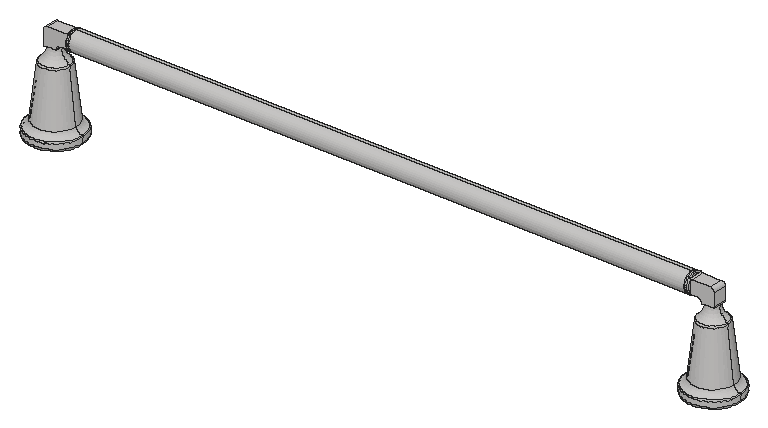
Revit family "FG74824-SUP473283_BIM", category Plumbing Fixtures, host Face, Revit 2014
Parameters (values of type "Standard")
  Width = 26"  # constant formula
  Vent Connection = no
  URL = ""
  Manufacturer = ""
  Faucet Material = Metal - Delta - Stainless-Steel
  Model = "FG74824-SUP473283"  # constant formula
  Height = 3 43/64"  # constant formula
  Description = "Faucet"  # constant formula
  Depth = 2 1/64"  # constant formula
  Default Elevation = 0"
Reference planes (in)
  plane 1 "Center (Front/Back)": y = 0
  plane 2: z = 0
  plane 3 "Center (Left/Right)": x = 0
  plane 4: y = 1.00781
  plane 5: y = -1.00781
  plane 6: z = 3.67187
  plane 7: x = 10.125
  plane 8: x = -13
  plane 9: x = 13
Forms (in)
  Revolve 1, solid, material "Metal - Delta - Stainless-Steel" <- "Faucet Material"
    sketch origin (-6.63537, 0, 0) x (1, 0, 0) y (0, 0, 1)
      loop
        line (-6.29032, 0) -> (-6.29032, 0.22378)
        arc (-6.29032, 0.22378) -> (-6.15704, 0.33659) -> (-6.08438, 0.49536) r 0.40081
        arc (-6.08438, 0.49536) -> (-5.91915, 1.43185) -> (-5.81985, 2.37761) r 13.58497
        arc (-5.81985, 2.37761) -> (-5.61627, 2.61229) -> (-5.53979, 2.91341) r 0.67301
        line (-5.53979, 2.91341) -> (-5.60164, 2.91341)
        arc (-5.60164, 2.91341) -> (-5.66764, 2.63152) -> (-5.86144, 2.41646) r 0.58117
        arc (-5.86144, 2.41646) -> (-5.88364, 2.39302) -> (-5.89331, 2.36222) r 0.07173
        arc (-5.89331, 2.36222) -> (-5.98688, 1.42749) -> (-6.12228, 0.49789) r 20.93898
        arc (-6.12228, 0.49789) -> (-6.20088, 0.35629) -> (-6.33775, 0.26972) r 0.32726
        arc (-6.33775, 0.26972) -> (-6.35516, 0.25707) -> (-6.36182, 0.2366) r 0.03482
        line (-6.36182, 0.2366) -> (-6.36182, 0.03864)
        arc (-6.36182, 0.03864) -> (-6.3505, 0.01132) -> (-6.32318, 0) r 0.03864
        line (-6.32318, 0) -> (-6.29032, 0)
      axis (-5.36183, 0) -> (-5.36183, 2.91341)
    angle from 0 to 360
  Extrusion 2, solid, material "Metal - Delta - Stainless-Steel" <- "Faucet Material"
    sketch origin (-6.63537, 0, 0) x (1, 0, 0) y (0, 0, 1)
      loop
        arc (-5.46132, 3.56021) -> (-5.56054, 3.51911) -> (-5.60164, 3.41989) r 0.14032
        line (-5.60164, 3.41989) -> (-5.60164, 2.94817)
        arc (-5.60164, 2.94817) -> (-5.59157, 2.92386) -> (-5.56726, 2.91379) r 0.03438
        line (-5.56726, 2.91379) -> (-5.16427, 2.91379)
        arc (-5.16427, 2.91379) -> (-5.13752, 2.92443) -> (-5.1254, 2.95054) r 0.03893
        arc (-5.1254, 2.95054) -> (-5.08182, 3.0444) -> (-4.98567, 3.08266) r 0.13995
        line (-4.98567, 3.08266) -> (-4.78825, 3.08266)
        arc (-4.78825, 3.08266) -> (-4.75486, 3.07531) -> (-4.72764, 3.05461) r 0.07949
        arc (-4.72764, 3.05461) -> (-4.71495, 3.04495) -> (-4.69937, 3.04152) r 0.03709
        line (-4.69937, 3.04152) -> (-4.66059, 3.04152) -> (-4.66059, 3.59776) -> (-4.69941, 3.59776)
        arc (-4.69941, 3.59776) -> (-4.71499, 3.59447) -> (-4.72789, 3.58516) r 0.03847
        arc (-4.72789, 3.58516) -> (-4.75343, 3.56673) -> (-4.78424, 3.56021) r 0.07611
        line (-4.78424, 3.56021) -> (-5.46132, 3.56021)
    from -0.23981 to 0.2398
  Revolve 3, solid, material "Metal - Delta - Stainless-Steel" <- "Faucet Material"
    sketch origin (-3.00586, 0, 0) x (1, 0, 0) y (0, 0, 1)
      loop
        line (14.22381, 3.67497) -> (-8.21014, 3.67497)
        arc (-8.21014, 3.67497) -> (-8.22674, 3.67066) -> (-8.24337, 3.6748) r 0.03477
        line (-8.24337, 3.6748) -> (-8.30621, 3.6748)
        arc (-8.30621, 3.6748) -> (-8.32996, 3.66497) -> (-8.3398, 3.64122) r 0.03359
        line (-8.3398, 3.64122) -> (-8.3398, 3.32015) -> (14.35347, 3.32015) -> (14.35347, 3.64122)
        arc (14.35347, 3.64122) -> (14.34363, 3.66497) -> (14.31988, 3.6748) r 0.03359
        line (14.31988, 3.6748) -> (14.25704, 3.6748)
        arc (14.25704, 3.6748) -> (14.24041, 3.67066) -> (14.22381, 3.67497) r 0.03477
      axis (-8.3398, 3.32015) -> (14.35347, 3.32015)
    angle from 0 to 360
  Revolve 4, solid, material "Metal - Delta - Stainless-Steel" <- "Faucet Material"
    sketch origin (6.63537, 0, 0) x (-1, 0, 0) y (0, 0, -1)
      loop
        line (-6.29032, 0) -> (-6.32318, 0)
        arc (-6.32318, 0) -> (-6.3505, -0.01132) -> (-6.36182, -0.03864) r 0.03864
        line (-6.36182, -0.03864) -> (-6.36182, -0.2366)
        arc (-6.36182, -0.2366) -> (-6.35516, -0.25707) -> (-6.33775, -0.26972) r 0.03482
        arc (-6.33775, -0.26972) -> (-6.20088, -0.35629) -> (-6.12228, -0.49789) r 0.32726
        arc (-6.12228, -0.49789) -> (-5.98688, -1.42749) -> (-5.89331, -2.36222) r 20.93898
        arc (-5.89331, -2.36222) -> (-5.88364, -2.39302) -> (-5.86144, -2.41646) r 0.07173
        arc (-5.86144, -2.41646) -> (-5.66764, -2.63152) -> (-5.60164, -2.91341) r 0.58117
        line (-5.60164, -2.91341) -> (-5.53979, -2.91341)
        arc (-5.53979, -2.91341) -> (-5.61627, -2.61229) -> (-5.81985, -2.37761) r 0.67301
        arc (-5.81985, -2.37761) -> (-5.91915, -1.43185) -> (-6.08438, -0.49536) r 13.58497
        arc (-6.08438, -0.49536) -> (-6.15704, -0.33659) -> (-6.29032, -0.22378) r 0.40081
        line (-6.29032, -0.22378) -> (-6.29032, 0)
      axis (-5.36183, 0) -> (-5.36183, -2.91341)
    angle from 0 to 360
  Extrusion 5, solid, material "Metal - Delta - Stainless-Steel" <- "Faucet Material"
    sketch origin (6.63537, 0, 0) x (-1, 0, 0) y (0, 0, -1)
      loop
        line (-5.46132, -3.56021) -> (-4.78424, -3.56021)
        arc (-4.78424, -3.56021) -> (-4.75343, -3.56673) -> (-4.72789, -3.58516) r 0.07611
        arc (-4.72789, -3.58516) -> (-4.71499, -3.59447) -> (-4.69941, -3.59776) r 0.03847
        line (-4.69941, -3.59776) -> (-4.66059, -3.59776) -> (-4.66059, -3.04152) -> (-4.69937, -3.04152)
        arc (-4.69937, -3.04152) -> (-4.71495, -3.04495) -> (-4.72764, -3.05461) r 0.03709
        arc (-4.72764, -3.05461) -> (-4.75486, -3.07531) -> (-4.78825, -3.08266) r 0.07949
        line (-4.78825, -3.08266) -> (-4.98567, -3.08266)
        arc (-4.98567, -3.08266) -> (-5.08182, -3.0444) -> (-5.1254, -2.95054) r 0.13995
        arc (-5.1254, -2.95054) -> (-5.13752, -2.92443) -> (-5.16427, -2.91379) r 0.03893
        line (-5.16427, -2.91379) -> (-5.56726, -2.91379)
        arc (-5.56726, -2.91379) -> (-5.59157, -2.92386) -> (-5.60164, -2.94817) r 0.03438
        line (-5.60164, -2.94817) -> (-5.60164, -3.41989)
        arc (-5.60164, -3.41989) -> (-5.56054, -3.51911) -> (-5.46132, -3.56021) r 0.14032
    from -0.23981 to 0.2398
Cuts and joins
  joined: Extrusion 2, Revolve 3, Extrusion 5
Dimensions and locks (in)
  equal spacing: plane 4, plane 1 "Center (Front/Back)", plane 5
  "Depth": plane 4 to plane 5
  "Height": plane 6 to plane 2
  equal spacing: plane 8, plane 3 "Center (Left/Right)", plane 9
  "Width": plane 8 to plane 9
  aligned and locked: plane 2 to host face
  aligned and locked: level to host face
Automatic sketch dimensions
  host sketch curve to host sketch curve = 96"  (x2)
  Revolve 1 sketch curve to level = 0"
  Revolve 1 sketch curve to plane 6 = 0.30802"
  Revolve 1 sketch curve to plane 8 = 20.40508"
  plane 6 to Revolve 1 sketch curve = 0.34936"
  Revolve 1 sketch curve to Revolve 1 sketch curve = 7.3978"
  Revolve 1 sketch curve to plane 8 = 0.11179"
  Revolve 1 sketch curve to Revolve 1 sketch curve = 0.0376"
  plane 8 to Revolve 1 sketch curve = 0.00281"
  Revolve 1 sketch curve to Revolve 1 sketch curve = 0.03482"
  plane 8 to Revolve 1 sketch curve = 0.04145"
  Revolve 1 sketch curve to Revolve 1 sketch curve = 0.03286"
  plane 8 to Revolve 1 sketch curve = 0.15192"
  Revolve 1 sketch curve to Revolve 1 sketch curve = 0.03004"
  plane 8 to Revolve 1 sketch curve = 0.54284"
  Revolve 1 sketch curve to Revolve 1 sketch curve = 0.58103"
  Revolve 1 sketch curve to Revolve 1 sketch curve = 0.06185"
  Revolve 1 sketch curve to Revolve 1 sketch curve = 0.18514"
  Revolve 1 sketch curve to Revolve 1 sketch curve = 0.01282"
  Revolve 1 sketch curve to Revolve 1 sketch curve = 0.34218"
  Revolve 1 sketch curve to Revolve 1 sketch curve = 0.00221"
  plane 6 to Revolve 1 sketch curve = 1.3152"
  Revolve 1 sketch curve to Revolve 1 sketch curve = 0.54411"
  Revolve 1 sketch curve to Revolve 1 sketch curve = 0.01262"
  Revolve 1 sketch curve to Revolve 1 sketch curve = 0.02327"
  Revolve 1 sketch curve to Revolve 1 sketch curve = 0"  (x3)
  Revolve 1 sketch curve to Revolve 1 sketch curve = 0.0379"
  level to Revolve 1 sketch curve = 0.25814"
  Revolve 1 sketch curve to Revolve 1 sketch curve = 0.72255"
  level to Revolve 1 sketch curve = 0.04156"
  plane 6 to Extrusion 2 sketch curve = 0.25198"
  plane 8 to Extrusion 2 sketch curve = 0.76299"
  Extrusion 2 sketch curve to Extrusion 2 sketch curve = 0.03438"
  plane 6 to Extrusion 2 sketch curve = 0.11166"
  Extrusion 2 sketch curve to Extrusion 2 sketch curve = 0.40299"
  Extrusion 2 sketch curve to Extrusion 2 sketch curve = 0.1786"
  Extrusion 2 sketch curve to Extrusion 2 sketch curve = 0.19742"
  Extrusion 2 sketch curve to Extrusion 2 sketch curve = 0.00401"
  Extrusion 2 sketch curve to Extrusion 2 sketch curve = 0.08483"
  Extrusion 2 sketch curve to Extrusion 2 sketch curve = 0.08888"
  Extrusion 2 sketch curve to Extrusion 2 sketch curve = 0.03882"
  Extrusion 2 sketch curve to Extrusion 2 sketch curve = 0.47755"
  Extrusion 2 sketch curve to Extrusion 2 sketch curve = 0.00405"
  Extrusion 2 sketch curve to Extrusion 2 sketch curve = 0.03709"
  Extrusion 2 sketch curve to Extrusion 2 sketch curve = 0.07949"
  Extrusion 2 sketch curve to Extrusion 2 sketch curve = 0.12994"
  Extrusion 2 sketch curve to Extrusion 2 sketch curve = 0.00455"
  Extrusion 2 sketch curve to Extrusion 2 sketch curve = 0.13995"
  Extrusion 2 sketch curve to Extrusion 2 sketch curve = 0.00092"
  Extrusion 2 sketch curve to Extrusion 2 sketch curve = 0.03847"
  plane 6 to Extrusion 2 sketch curve = 0.03555"
  plane 6 to Revolve 3 sketch curve = 0.35172"  (x2)
  plane 8 to Revolve 3 sketch curve = 1.65434"
  Revolve 3 sketch curve to plane 6 = 0.00293"  (x2)
  Revolve 3 sketch curve to Revolve 3 sketch curve = 0.03359"  (x2)
  Revolve 3 sketch curve to Revolve 3 sketch curve = 0.06284"  (x2)
  Revolve 3 sketch curve to Revolve 3 sketch curve = 0.01646"
  Revolve 3 sketch curve to plane 6 = 0.00309"
  Revolve 3 sketch curve to Revolve 3 sketch curve = 0.03323"  (x2)
  plane 7 to Revolve 3 sketch curve = 1.09296"
  Revolve 3 sketch curve to Revolve 3 sketch curve = 0.01676"
  Revolve 3 sketch curve to Revolve 3 sketch curve = 3.65944"
  Revolve 3 sketch curve to Revolve 3 sketch curve = 0.25226"
  Revolve 4 sketch curve to level = 0"
  Revolve 4 sketch curve to plane 6 = 0.30802"
  plane 9 to Revolve 4 sketch curve = 20.40508"
  plane 6 to Revolve 4 sketch curve = 0.34936"
  Revolve 4 sketch curve to Revolve 4 sketch curve = 7.3978"
  plane 9 to Revolve 4 sketch curve = 0.11179"
  Revolve 4 sketch curve to Revolve 4 sketch curve = 0.0376"
  Revolve 4 sketch curve to plane 9 = 0.00281"
  Revolve 4 sketch curve to Revolve 4 sketch curve = 0.03482"
  Revolve 4 sketch curve to plane 9 = 0.04145"
  Revolve 4 sketch curve to Revolve 4 sketch curve = 0.03286"
  Revolve 4 sketch curve to plane 9 = 0.15192"
  Revolve 4 sketch curve to Revolve 4 sketch curve = 0.03004"
  Revolve 4 sketch curve to plane 9 = 0.54284"
  Revolve 4 sketch curve to Revolve 4 sketch curve = 0.58103"
  Revolve 4 sketch curve to Revolve 4 sketch curve = 0.06185"
  plane 6 to Revolve 4 sketch curve = 0.74782"
  Revolve 4 sketch curve to Revolve 4 sketch curve = 0.01065"
  Revolve 4 sketch curve to Revolve 4 sketch curve = 0.02327"
  Revolve 4 sketch curve to Revolve 4 sketch curve = 0.55673"
  Revolve 4 sketch curve to Revolve 4 sketch curve = 0.54234"
  Revolve 4 sketch curve to Revolve 4 sketch curve = 0.00221"
  Revolve 4 sketch curve to Revolve 4 sketch curve = 0.19796"
  Revolve 4 sketch curve to Revolve 4 sketch curve = 0.01282"
  Revolve 4 sketch curve to Revolve 4 sketch curve = 0"  (x3)
  Revolve 4 sketch curve to Revolve 4 sketch curve = 0.0379"
  level to Revolve 4 sketch curve = 0.25814"
  Revolve 4 sketch curve to Revolve 4 sketch curve = 0.72255"
  level to Revolve 4 sketch curve = 0.04156"
  plane 6 to Extrusion 5 sketch curve = 0.25198"
  Extrusion 5 sketch curve to plane 9 = 0.76299"
  Extrusion 5 sketch curve to Extrusion 5 sketch curve = 0.03438"
  plane 6 to Extrusion 5 sketch curve = 0.11166"
  Extrusion 5 sketch curve to Extrusion 5 sketch curve = 0.40299"
  Extrusion 5 sketch curve to Extrusion 5 sketch curve = 0.1786"
  Extrusion 5 sketch curve to Extrusion 5 sketch curve = 0.19742"
  Extrusion 5 sketch curve to Extrusion 5 sketch curve = 0.00401"
  Extrusion 5 sketch curve to Extrusion 5 sketch curve = 0.08483"
  Extrusion 5 sketch curve to Extrusion 5 sketch curve = 0.08888"
  Extrusion 5 sketch curve to Extrusion 5 sketch curve = 0.03882"
  plane 6 to Extrusion 5 sketch curve = 0.07411"
  plane 6 to Extrusion 5 sketch curve = 0.03555"
  Extrusion 5 sketch curve to Extrusion 5 sketch curve = 0.03847"
  Extrusion 5 sketch curve to Extrusion 5 sketch curve = 0.47755"
  Extrusion 5 sketch curve to Extrusion 5 sketch curve = 0.00405"
  Extrusion 5 sketch curve to Extrusion 5 sketch curve = 0.03709"
  Extrusion 5 sketch curve to Extrusion 5 sketch curve = 0.07949"
  Extrusion 5 sketch curve to Extrusion 5 sketch curve = 0.12994"
  Extrusion 5 sketch curve to Extrusion 5 sketch curve = 0.00455"
  Extrusion 5 sketch curve to Extrusion 5 sketch curve = 0.13995"
